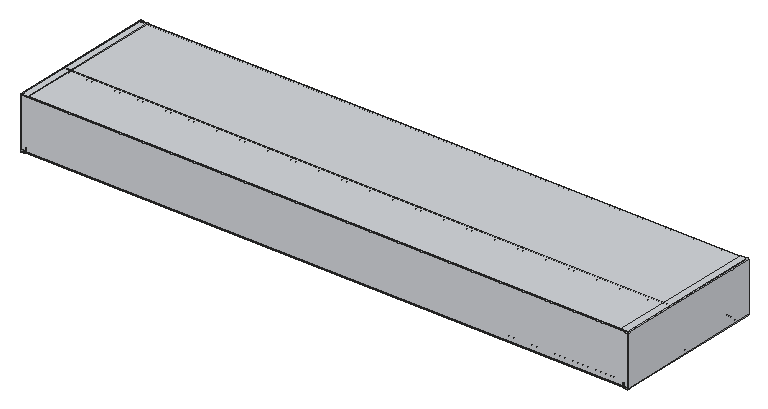
Revit family "LSTC 1x4", category Lighting Fixtures, host Ceiling, Revit 2019
Family settings
  Host = Ceiling
  Round Connector Dimension = Use Diameter
  Part Type = Normal
  OmniClass Number = 23.80.70.11.14.17
  OmniClass Title = Direct/Indirect
  Always vertical = Yes
  Cut with Voids When Loaded = No
  Light Source = Yes
  Shared = No
  Room Calculation Point = No
Parameters (values of type "LSTC1x4-LED840K034LUNV")
  Width = 0' - 11 3/4"
  Wattage = 30 W
  built-in parameter 1150110 = 1 (stored number, unit not read)
  Voltage = 120 V
  URL = "https://www.viscor.com/en/products/lstc"
  built-in parameter 1114217 = 0.9 (stored number, unit not read)
  Tilt Angle = 90.00°
  built-in parameter 1150109 = 1 (stored number, unit not read)
  built-in parameter 1150134 = 12
  built-in parameter 1150113 = 1 (stored number, unit not read)
  Reflector Width = Width / 2  # 0' - 5 7/8"
  Photometric Web File = "LSTC1X4-LED840K034LUNV-G001806.IES"
  Model = "LSTC"  # constant formula
  Manufacturer = "VISIONEERING by VISCOR"  # constant formula
  Lumens = 3450 lm
  built-in parameter 1150115 = 1 (stored number, unit not read)
  built-in parameter 1150105 = 274.54 (stored number, unit not read)
  built-in parameter 1150137 = (empty or 0)
  built-in parameter 1150139 = (empty or 0)
  Lens Finish = Acrylic - Viscor - Frosted Ribbed Linear Extruded
  Length = 3' - 11 3/4"
  Lamp Wattage = 30 VA
  built-in parameter 1150112 = 1 (stored number, unit not read)
  built-in parameter 1150114 = 1 (stored number, unit not read)
  Lamp = "LED"  # constant formula
  built-in parameter 1150132 = (empty or 0)
  built-in parameter 1150102 = (empty or 0)
  built-in parameter 1150138 = (empty or 0)
  built-in parameter 1150107 = 4000 (stored number, unit not read)
  built-in parameter 1150106 = 2.7454 (stored number, unit not read)
  Housing Finish = Metal - Viscor - White
  Emit from Rectangle Width = Width  # 0' - 11 3/4"
  Emit from Rectangle Length = Length  # 3' - 11 3/4"
  Emit Shape Visible in Rendering = no
  built-in parameter 1150104 = 10.684 (stored number, unit not read)
  Dimming Lamp Color Temperature Shift = <None>
  Description = "LED Surface Single Tear Drop"  # constant formula
  Color Filter = 16777215
  built-in parameter 1114218 = 1 (stored number, unit not read)
  built-in parameter 1150133 = 10 (stored number, unit not read)
  Assembly Code = "D5020200"
  Apparent Load = Lamp Wattage  # 30 VA
Reference planes (in)
  plane 1 "Light Source Axis (F/B)": y = 0
  plane 2 "Ceiling": z = 96
  plane 3 "Light Source Axis (L/R)": x = 0
  plane 4 "Light Source Elevation": z = 91.71875
  plane 5: y = 5.875
  plane 6: y = -5.875
  plane 7: x = -23.875
  plane 8: x = 23.875
  plane 9: x = -23.8125
  plane 10: x = 23.8125
  plane 11 "FixtureHeight": z = 91.845
Forms (in)
  Extrusion 1, solid
    sketch origin (0, 0, 0) x (1, 0, 0) y (0, 0, 1)
      loop
        line (-23.806, 91.845) -> (-23.507, 91.845)
        arc (-23.507, 91.845) -> (-23.45821, 91.86521) -> (-23.438, 91.914) r 0.069
        line (-23.438, 91.914) -> (-23.438, 92.189) -> (-23.46925, 92.189) -> (-23.46925, 91.914)
        arc (-23.46925, 91.914) -> (-23.48031, 91.88731) -> (-23.507, 91.87625) r 0.03775
        line (-23.507, 91.87625) -> (-23.806, 91.87625)
        arc (-23.806, 91.87625) -> (-23.83269, 91.88731) -> (-23.84375, 91.914) r 0.03775
        line (-23.84375, 91.914) -> (-23.84375, 95.838)
        arc (-23.84375, 95.838) -> (-23.83269, 95.86469) -> (-23.806, 95.87575) r 0.03775
        line (-23.806, 95.87575) -> (-23.25, 95.87575) -> (-23.25, 95.907) -> (-23.806, 95.907)
        arc (-23.806, 95.907) -> (-23.85479, 95.88679) -> (-23.875, 95.838) r 0.069
        line (-23.875, 95.838) -> (-23.875, 91.914)
        arc (-23.875, 91.914) -> (-23.85479, 91.86521) -> (-23.806, 91.845) r 0.069
    from -5.875 to 5.875
  Extrusion 2, solid
    sketch origin (0, 0, 0) x (-1, 0, 0) y (0, 0, -1)
      loop
        arc (-23.806, -91.845) -> (-23.85479, -91.86521) -> (-23.875, -91.914) r 0.069
        line (-23.875, -91.914) -> (-23.875, -95.838)
        arc (-23.875, -95.838) -> (-23.85479, -95.88679) -> (-23.806, -95.907) r 0.069
        line (-23.806, -95.907) -> (-23.25, -95.907) -> (-23.25, -95.87575) -> (-23.806, -95.87575)
        arc (-23.806, -95.87575) -> (-23.83269, -95.86469) -> (-23.84375, -95.838) r 0.03775
        line (-23.84375, -95.838) -> (-23.84375, -91.914)
        arc (-23.84375, -91.914) -> (-23.83269, -91.88731) -> (-23.806, -91.87625) r 0.03775
        line (-23.806, -91.87625) -> (-23.507, -91.87625)
        arc (-23.507, -91.87625) -> (-23.48031, -91.88731) -> (-23.46925, -91.914) r 0.03775
        line (-23.46925, -91.914) -> (-23.46925, -92.189) -> (-23.438, -92.189) -> (-23.438, -91.914)
        arc (-23.438, -91.914) -> (-23.45821, -91.86521) -> (-23.507, -91.845) r 0.069
        line (-23.507, -91.845) -> (-23.806, -91.845)
    from -5.875 to 5.875
  Extrusion 3, solid
    sketch origin (0, 0, 0) x (0, 1, 0) y (0, 0, 1)
      loop
        line (5.50687, 91.875) -> (5.80687, 91.875)
        arc (5.80687, 91.875) -> (5.85163, 91.89149) -> (5.875, 91.93306) r 0.069
        line (5.875, 91.93306) -> (5.875, 95.81694)
        arc (5.875, 95.81694) -> (5.85163, 95.85851) -> (5.80687, 95.875) r 0.069
        line (5.80687, 95.875) -> (-5.80513, 95.875)
        arc (-5.80513, 95.875) -> (-5.85392, 95.85479) -> (-5.87413, 95.806) r 0.069
        line (-5.87413, 95.806) -> (-5.875, 91.944)
        arc (-5.875, 91.944) -> (-5.85392, 91.89521) -> (-5.80513, 91.875) r 0.069
        line (-5.80513, 91.875) -> (-5.50513, 91.875)
        arc (-5.50513, 91.875) -> (-5.45634, 91.89521) -> (-5.43613, 91.944) r 0.069
        line (-5.43613, 91.944) -> (-5.43613, 92.616)
        arc (-5.43613, 92.616) -> (-5.4247, 92.64358) -> (-5.39713, 92.655) r 0.039
        line (-5.39713, 92.655) -> (-4.85013, 92.655) -> (-4.85013, 92.68625) -> (-5.39713, 92.68625)
        arc (-5.39713, 92.68625) -> (-5.4468, 92.66567) -> (-5.46738, 92.616) r 0.07025
        line (-5.46738, 92.616) -> (-5.46738, 91.944)
        arc (-5.46738, 91.944) -> (-5.47843, 91.91731) -> (-5.50513, 91.90625) r 0.03775
        line (-5.50513, 91.90625) -> (-5.80513, 91.90625)
        arc (-5.80513, 91.90625) -> (-5.83182, 91.91731) -> (-5.84288, 91.944) r 0.03775
        line (-5.84288, 91.944) -> (-5.84375, 95.80595)
        arc (-5.84375, 95.80595) -> (-5.83179, 95.83261) -> (-5.80513, 95.84365) r 0.0377
        line (-5.80513, 95.84365) -> (5.80666, 95.84365)
        arc (5.80666, 95.84365) -> (5.83318, 95.83267) -> (5.84417, 95.80615) r 0.0375
        line (5.84417, 95.80615) -> (5.84417, 91.94985)
        arc (5.84417, 91.94985) -> (5.83556, 91.91946) -> (5.80687, 91.90625) r 0.03775
        line (5.80687, 91.90625) -> (5.50687, 91.90625)
        arc (5.50687, 91.90625) -> (5.48018, 91.91731) -> (5.46912, 91.944) r 0.03775
        line (5.46912, 91.944) -> (5.46912, 92.616)
        arc (5.46912, 92.616) -> (5.44855, 92.66567) -> (5.39887, 92.68625) r 0.07025
        line (5.39887, 92.68625) -> (4.85188, 92.68625) -> (4.85188, 92.655) -> (5.39887, 92.655)
        arc (5.39887, 92.655) -> (5.42645, 92.64358) -> (5.43787, 92.616) r 0.039
        line (5.43787, 92.616) -> (5.43787, 91.944)
        arc (5.43787, 91.944) -> (5.45808, 91.89521) -> (5.50687, 91.875) r 0.069
    from -23.8125 to 23.8125
  Extrusion 4, solid
    sketch origin (0, 0, 0) x (0, 1, 0) y (0, 0, 1)
      loop
        line (1.93837, 95.845) -> (1.60237, 95.845)
        arc (1.60237, 95.845) -> (1.55358, 95.82479) -> (1.53337, 95.776) r 0.069
        line (1.53337, 95.776) -> (1.53337, 94.259)
        arc (1.53337, 94.259) -> (1.52195, 94.23142) -> (1.49437, 94.22) r 0.039
        line (1.49437, 94.22) -> (-1.49263, 94.22)
        arc (-1.49263, 94.22) -> (-1.5202, 94.23142) -> (-1.53163, 94.259) r 0.039
        line (-1.53163, 94.259) -> (-1.53163, 95.776)
        arc (-1.53163, 95.776) -> (-1.55184, 95.82479) -> (-1.60063, 95.845) r 0.069
        line (-1.60063, 95.845) -> (-1.93663, 95.845) -> (-1.93663, 95.81375) -> (-1.60063, 95.81375)
        arc (-1.60063, 95.81375) -> (-1.57393, 95.80269) -> (-1.56288, 95.776) r 0.03775
        line (-1.56288, 95.776) -> (-1.56288, 94.259)
        arc (-1.56288, 94.259) -> (-1.5423, 94.20933) -> (-1.49263, 94.18875) r 0.07025
        line (-1.49263, 94.18875) -> (1.49437, 94.18875)
        arc (1.49437, 94.18875) -> (1.54405, 94.20933) -> (1.56462, 94.259) r 0.07025
        line (1.56462, 94.259) -> (1.56462, 95.776)
        arc (1.56462, 95.776) -> (1.57568, 95.80269) -> (1.60237, 95.81375) r 0.03775
        line (1.60237, 95.81375) -> (1.93837, 95.81375) -> (1.93837, 95.845)
    from -23.8125 to 23.8125
  Extrusion 5, solid
    sketch origin (0, 0, 0) x (0, 1, 0) y (0, 0, 1)
      loop
        arc (5.27987, 91.875) -> (5.32866, 91.89521) -> (5.34887, 91.944) r 0.069
        line (5.34887, 91.944) -> (5.34887, 92.494)
        arc (5.34887, 92.494) -> (5.32866, 92.54279) -> (5.27987, 92.563) r 0.069
        line (5.27987, 92.563) -> (5.09887, 92.563) -> (5.09887, 92.53175) -> (5.27987, 92.53175)
        arc (5.27987, 92.53175) -> (5.30657, 92.52069) -> (5.31762, 92.494) r 0.03775
        line (5.31762, 92.494) -> (5.31762, 91.944)
        arc (5.31762, 91.944) -> (5.30657, 91.91731) -> (5.27987, 91.90625) r 0.03775
        line (5.27987, 91.90625) -> (4.86182, 91.90625) -> (4.27501, 92.49306)
        arc (4.27501, 92.49306) -> (2.96064, 93.40453) -> (1.41016, 93.79743) r 4.49002
        line (1.41016, 93.79743) -> (0.93986, 93.8057)
        arc (0.93986, 93.8057) -> (0.92426, 93.80937) -> (0.91159, 93.81918) r 0.03777
        line (0.91159, 93.81918) -> (0.79168, 93.96208) -> (0.76774, 93.942) -> (0.88765, 93.79909)
        arc (0.88765, 93.79909) -> (0.91081, 93.78117) -> (0.93931, 93.77445) r 0.06902
        line (0.93931, 93.77445) -> (1.40881, 93.7662)
        arc (1.40881, 93.7662) -> (2.94805, 93.37592) -> (4.25291, 92.47096) r 4.45877
        line (4.25291, 92.47096) -> (4.82866, 91.89521)
        arc (4.82866, 91.89521) -> (4.85105, 91.88025) -> (4.87745, 91.875) r 0.069
        line (4.87745, 91.875) -> (5.27987, 91.875)
    from -23.8125 to 23.8125
  Extrusion 6, solid
    sketch origin (0, 0, 0) x (0, -1, 0) y (0, 0, -1)
      loop
        line (5.27987, -91.875) -> (4.87745, -91.875)
        arc (4.87745, -91.875) -> (4.85105, -91.88025) -> (4.82866, -91.89521) r 0.069
        line (4.82866, -91.89521) -> (4.25291, -92.47096)
        arc (4.25291, -92.47096) -> (2.94805, -93.37592) -> (1.40881, -93.7662) r 4.45877
        line (1.40881, -93.7662) -> (0.93931, -93.77445)
        arc (0.93931, -93.77445) -> (0.91081, -93.78117) -> (0.88765, -93.79909) r 0.06902
        line (0.88765, -93.79909) -> (0.76774, -93.942) -> (0.79168, -93.96208) -> (0.91159, -93.81918)
        arc (0.91159, -93.81918) -> (0.92426, -93.80937) -> (0.93986, -93.8057) r 0.03777
        line (0.93986, -93.8057) -> (1.41016, -93.79743)
        arc (1.41016, -93.79743) -> (2.96064, -93.40453) -> (4.27501, -92.49306) r 4.49002
        line (4.27501, -92.49306) -> (4.86182, -91.90625) -> (5.27987, -91.90625)
        arc (5.27987, -91.90625) -> (5.30657, -91.91731) -> (5.31762, -91.944) r 0.03775
        line (5.31762, -91.944) -> (5.31762, -92.494)
        arc (5.31762, -92.494) -> (5.30657, -92.52069) -> (5.27987, -92.53175) r 0.03775
        line (5.27987, -92.53175) -> (5.09887, -92.53175) -> (5.09887, -92.563) -> (5.27987, -92.563)
        arc (5.27987, -92.563) -> (5.32866, -92.54279) -> (5.34887, -92.494) r 0.069
        line (5.34887, -92.494) -> (5.34887, -91.944)
        arc (5.34887, -91.944) -> (5.32866, -91.89521) -> (5.27987, -91.875) r 0.069
    from -23.8125 to 23.8125
  Extrusion 7, solid
    sketch origin (0, 0, 0) x (0, 1, 0) y (0, 0, 1)
      loop
        line (0.96962, 93.675) -> (0.96962, 93.76)
        arc (0.96962, 93.76) -> (0.96376, 93.77414) -> (0.94962, 93.78) r 0.02
        line (0.94962, 93.78) -> (0.77187, 93.78) -> (0.77187, 93.97219)
        arc (0.77187, 93.97219) -> (0.78145, 93.9881) -> (0.8, 93.98707) r 0.018
        arc (0.8, 93.98707) -> (0.84415, 93.99938) -> (0.82464, 94.04085) r 0.03
        line (0.82464, 94.04085) -> (0.73705, 94.06432)
        arc (0.73705, 94.06432) -> (0.7197, 94.06087) -> (0.71187, 94.045) r 0.02
        line (0.71187, 94.045) -> (0.71187, 93.73)
        arc (0.71187, 93.73) -> (0.72066, 93.70879) -> (0.74187, 93.7) r 0.03
        line (0.74187, 93.7) -> (0.88962, 93.7)
        arc (0.88962, 93.7) -> (0.83304, 93.18207) -> (0.65464, 92.69254) r 2.17014
        arc (0.65464, 92.69254) -> (0.48302, 92.43074) -> (0.25821, 92.21289) r 1.42014
        arc (0.25821, 92.21289) -> (0.00087, 92.12486) -> (-0.25647, 92.21289) r 0.42014
        arc (-0.25647, 92.21289) -> (-0.48128, 92.43074) -> (-0.6529, 92.69254) r 1.42014
        arc (-0.6529, 92.69254) -> (-0.8313, 93.18207) -> (-0.88788, 93.7) r 2.17014
        line (-0.88788, 93.7) -> (-0.74013, 93.7)
        arc (-0.74013, 93.7) -> (-0.71891, 93.70879) -> (-0.71013, 93.73) r 0.03
        line (-0.71013, 93.73) -> (-0.71013, 94.045)
        arc (-0.71013, 94.045) -> (-0.71795, 94.06087) -> (-0.7353, 94.06432) r 0.02
        line (-0.7353, 94.06432) -> (-0.82289, 94.04085)
        arc (-0.82289, 94.04085) -> (-0.8424, 93.99938) -> (-0.79825, 93.98707) r 0.03
        arc (-0.79825, 93.98707) -> (-0.77971, 93.9881) -> (-0.77013, 93.97219) r 0.018
        line (-0.77013, 93.97219) -> (-0.77013, 93.78) -> (-0.94788, 93.78)
        arc (-0.94788, 93.78) -> (-0.96202, 93.77414) -> (-0.96788, 93.76) r 0.02
        line (-0.96788, 93.76) -> (-0.96788, 93.675)
        arc (-0.96788, 93.675) -> (-0.90609, 93.15131) -> (-0.7241, 92.65639) r 2.25
        arc (-0.7241, 92.65639) -> (-0.54283, 92.37986) -> (-0.30538, 92.14977) r 1.5
        arc (-0.30538, 92.14977) -> (0.00087, 92.045) -> (0.30713, 92.14977) r 0.5
        arc (0.30713, 92.14977) -> (0.54458, 92.37986) -> (0.72585, 92.65639) r 1.5
        arc (0.72585, 92.65639) -> (0.90783, 93.15131) -> (0.96962, 93.675) r 2.25
    from -23.8125 to 23.8125
Dimensions and locks (in)
  equal spacing: host sketch curve, plane 3 "Light Source Axis (L/R)", host sketch curve
  equal spacing: host sketch curve, plane 1 "Light Source Axis (F/B)", host sketch curve
  host sketch curve to host sketch curve = 10' - 0"  (x2)
  equal spacing: plane 7, plane 3 "Light Source Axis (L/R)", plane 8
  "Length": plane 7 to plane 8
  equal spacing: plane 5, plane 1 "Light Source Axis (F/B)", plane 6
  "Width": plane 5 to plane 6
  plane 4 "Light Source Elevation" to plane 2 "Ceiling" = 0' - 4 9/32"
  locked: plane 7 to plane 9 at 0.0625
  locked: plane 10 to plane 8 at 0.0625
  locked: plane 2 "Ceiling" to plane 11 "FixtureHeight" at 4.155
  aligned and locked: plane 3 "Light Source Axis (L/R)" to imposter light
  aligned and locked: plane 1 "Light Source Axis (F/B)" to imposter light
  aligned and locked: plane 4 "Light Source Elevation" to imposter light
  aligned and locked: plane 5 to Extrusion 1
  aligned and locked: Extrusion 1 to plane 6
  aligned and locked: plane 5 to Extrusion 2
  aligned and locked: Extrusion 2 to plane 6
  aligned and locked: Extrusion 3 to plane 9
  aligned and locked: plane 10 to Extrusion 3
  aligned and locked: Extrusion 4 to plane 9
  aligned and locked: plane 10 to Extrusion 4
  aligned and locked: Extrusion 5 to plane 9
  aligned and locked: plane 10 to Extrusion 5
  aligned and locked: Extrusion 6 to plane 9
  aligned and locked: plane 10 to Extrusion 6
  aligned and locked: Extrusion 7 to plane 9
  aligned and locked: plane 10 to Extrusion 7
Automatic sketch dimensions
  Extrusion 1 sketch curve to Extrusion 1 sketch curve = 0' - 0"  (x6)
  Extrusion 1 sketch curve to plane 7 = 0' - 0"
  Extrusion 1 sketch curve to plane 11 "FixtureHeight" = 0' - 0"
  plane 7 to Extrusion 1 sketch curve = 0' - 0 1/32"
  plane 9 to Extrusion 1 sketch curve = 0' - 0.0065"  (x2)
  plane 11 "FixtureHeight" to Extrusion 1 sketch curve = 0' - 0.069"
  Extrusion 1 sketch curve to Extrusion 1 sketch curve = 0' - 0.299"
  Extrusion 1 sketch curve to plane 2 "Ceiling" = 0' - 0.12425"
  Extrusion 1 sketch curve to Extrusion 1 sketch curve = 0' - 0.556"
  Extrusion 1 sketch curve to Extrusion 1 sketch curve = 0' - 0.275"
  Extrusion 2 sketch curve to Extrusion 2 sketch curve = 0' - 0"  (x6)
  Extrusion 2 sketch curve to plane 8 = 0' - 0"
  Extrusion 2 sketch curve to plane 11 "FixtureHeight" = 0' - 0"
  plane 8 to Extrusion 2 sketch curve = 0' - 0 1/32"
  plane 10 to Extrusion 2 sketch curve = 0' - 0.0065"  (x2)
  Extrusion 2 sketch curve to plane 11 "FixtureHeight" = 0' - 0.069"
  Extrusion 2 sketch curve to Extrusion 2 sketch curve = 0' - 0.299"
  plane 2 "Ceiling" to Extrusion 2 sketch curve = 0' - 0.12425"
  Extrusion 2 sketch curve to Extrusion 2 sketch curve = 0' - 0.556"
  Extrusion 2 sketch curve to Extrusion 2 sketch curve = 0' - 0.275"
  Extrusion 3 sketch curve to Extrusion 3 sketch curve = 0' - 0"  (x17)
  Extrusion 3 sketch curve to plane 6 = 0' - 0"
  Extrusion 3 sketch curve to plane 5 = 0' - 0"
  plane 6 to Extrusion 3 sketch curve = 0' - 0.06987"
  Extrusion 3 sketch curve to Extrusion 3 sketch curve = 0' - 0.06987"
  plane 11 "FixtureHeight" to Extrusion 3 sketch curve = 0' - 0.03"  (x2)
  Extrusion 3 sketch curve to Extrusion 3 sketch curve = 0' - 0.3"
  Extrusion 3 sketch curve to Extrusion 3 sketch curve = 0' - 0.03775"  (x3)
  Extrusion 3 sketch curve to Extrusion 3 sketch curve = 0' - 0 1/32"  (x2)
  Extrusion 3 sketch curve to Extrusion 3 sketch curve = 0' - 0.039"  (x2)
  Extrusion 3 sketch curve to Extrusion 3 sketch curve = 0' - 0.54699"
  Extrusion 3 sketch curve to plane 5 = 0' - 1.02312"
  Extrusion 3 sketch curve to plane 5 = 0' - 0.47613"
  Extrusion 3 sketch curve to plane 5 = 0' - 0.06834"
  Extrusion 3 sketch curve to plane 5 = 0' - 0.06813"
  Extrusion 3 sketch curve to Extrusion 3 sketch curve = 0' - 0.00021"
  Extrusion 3 sketch curve to plane 5 = 0' - 0.03083"
  Extrusion 3 sketch curve to Extrusion 3 sketch curve = 0' - 0.02681"
  Extrusion 3 sketch curve to Extrusion 3 sketch curve = 0' - 0.672"  (x2)
  Extrusion 3 sketch curve to plane 2 "Ceiling" = 0' - 0.19405"
  Extrusion 3 sketch curve to plane 2 "Ceiling" = 0' - 0.194"
  Extrusion 3 sketch curve to Extrusion 3 sketch curve = 0' - 0.00005"
  Extrusion 3 sketch curve to Extrusion 3 sketch curve = 0' - 0.00015"
  Extrusion 3 sketch curve to Extrusion 3 sketch curve = 0' - 0.01079"
  Extrusion 3 sketch curve to Extrusion 3 sketch curve = 0' - 0.00092"
  Extrusion 4 sketch curve to Extrusion 4 sketch curve = 0' - 0"  (x8)
  Extrusion 4 sketch curve to plane 2 "Ceiling" = 0' - 0.155"  (x2)
  plane 1 "Light Source Axis (F/B)" to Extrusion 4 sketch curve = 0' - 1.93663"
  Extrusion 4 sketch curve to plane 2 "Ceiling" = 0' - 0.18625"
  Extrusion 4 sketch curve to Extrusion 4 sketch curve = 0' - 0.336"  (x2)
  Extrusion 4 sketch curve to Extrusion 4 sketch curve = 0' - 0.03775"  (x2)
  Extrusion 4 sketch curve to Extrusion 4 sketch curve = 0' - 0.039"  (x2)
  Extrusion 4 sketch curve to plane 1 "Light Source Axis (F/B)" = 0' - 1.49437"
  Extrusion 4 sketch curve to Extrusion 4 sketch curve = 0' - 1.517"
  Extrusion 5 sketch curve to Extrusion 5 sketch curve = 0' - 0"  (x8)
  Extrusion 5 sketch curve to plane 1 "Light Source Axis (F/B)" = 0' - 0.76774"
  Extrusion 5 sketch curve to Extrusion 5 sketch curve = 0' - 0.02394"  (x2)
  Extrusion 5 sketch curve to Extrusion 5 sketch curve = 0' - 0.11991"
  Extrusion 5 sketch curve to Extrusion 5 sketch curve = 0' - 0.02772"
  Extrusion 5 sketch curve to Extrusion 5 sketch curve = 0' - 0.00055"
  Extrusion 5 sketch curve to Extrusion 5 sketch curve = 0' - 0.02893"
  Extrusion 5 sketch curve to plane 1 "Light Source Axis (F/B)" = 0' - 1.10008"
  Extrusion 5 sketch curve to Extrusion 5 sketch curve = 0' - 0.46949"
  Extrusion 5 sketch curve to Extrusion 5 sketch curve = 0' - 0.00136"
  plane 11 "FixtureHeight" to Extrusion 5 sketch curve = 0' - 0.62596"
  Extrusion 5 sketch curve to plane 5 = 0' - 1.62209"
  plane 11 "FixtureHeight" to Extrusion 5 sketch curve = 0' - 0.64806"
  Extrusion 5 sketch curve to Extrusion 5 sketch curve = 0' - 0.0221"
  plane 11 "FixtureHeight" to Extrusion 5 sketch curve = 0' - 0.05021"
  Extrusion 5 sketch curve to Extrusion 5 sketch curve = 0' - 0.57575"
  plane 11 "FixtureHeight" to Extrusion 5 sketch curve = 0' - 0.06125"
  Extrusion 5 sketch curve to Extrusion 5 sketch curve = 0' - 0.03315"
  plane 11 "FixtureHeight" to Extrusion 5 sketch curve = 0' - 0.03"
  Extrusion 5 sketch curve to Extrusion 5 sketch curve = 0' - 0 1/64"
  Extrusion 5 sketch curve to Extrusion 5 sketch curve = 0' - 0.22142"
  plane 11 "FixtureHeight" to Extrusion 5 sketch curve = 0' - 0.099"
  Extrusion 5 sketch curve to Extrusion 5 sketch curve = 0' - 0.40242"
  Extrusion 5 sketch curve to Extrusion 5 sketch curve = 0' - 0.03775"
  plane 4 "Light Source Elevation" to Extrusion 5 sketch curve = 0' - 2.40062"
  Extrusion 5 sketch curve to Extrusion 5 sketch curve = 0' - 0.55"
  Extrusion 5 sketch curve to Extrusion 5 sketch curve = 0' - 0.00825"
  Extrusion 5 sketch curve to Extrusion 5 sketch curve = 0' - 0.02464"
  Extrusion 5 sketch curve to Extrusion 5 sketch curve = 0' - 0 1/32"
  Extrusion 6 sketch curve to Extrusion 6 sketch curve = 0' - 0"  (x8)
  Extrusion 6 sketch curve to plane 1 "Light Source Axis (F/B)" = 0' - 0.76774"
  Extrusion 6 sketch curve to Extrusion 6 sketch curve = 0' - 0.02394"  (x2)
  Extrusion 6 sketch curve to Extrusion 6 sketch curve = 0' - 0.11991"
  Extrusion 6 sketch curve to Extrusion 6 sketch curve = 0' - 0.02772"
  Extrusion 6 sketch curve to Extrusion 6 sketch curve = 0' - 0.00055"
  Extrusion 6 sketch curve to Extrusion 6 sketch curve = 0' - 0.02893"
  Extrusion 6 sketch curve to plane 1 "Light Source Axis (F/B)" = 0' - 1.10008"
  Extrusion 6 sketch curve to Extrusion 6 sketch curve = 0' - 0.46949"
  Extrusion 6 sketch curve to Extrusion 6 sketch curve = 0' - 0.00136"
  Extrusion 6 sketch curve to plane 11 "FixtureHeight" = 0' - 0.62596"
  Extrusion 6 sketch curve to plane 6 = 0' - 1.62209"
  Extrusion 6 sketch curve to plane 11 "FixtureHeight" = 0' - 0.64806"
  Extrusion 6 sketch curve to Extrusion 6 sketch curve = 0' - 0.0221"
  Extrusion 6 sketch curve to plane 11 "FixtureHeight" = 0' - 0.05021"
  Extrusion 6 sketch curve to Extrusion 6 sketch curve = 0' - 0.57575"
  Extrusion 6 sketch curve to plane 11 "FixtureHeight" = 0' - 0.06125"
  Extrusion 6 sketch curve to Extrusion 6 sketch curve = 0' - 0.03315"
  Extrusion 6 sketch curve to plane 11 "FixtureHeight" = 0' - 0.03"
  Extrusion 6 sketch curve to Extrusion 6 sketch curve = 0' - 0 1/64"
  Extrusion 6 sketch curve to Extrusion 6 sketch curve = 0' - 0.22142"
  Extrusion 6 sketch curve to plane 11 "FixtureHeight" = 0' - 0.099"
  Extrusion 6 sketch curve to Extrusion 6 sketch curve = 0' - 0.40242"
  Extrusion 6 sketch curve to Extrusion 6 sketch curve = 0' - 0.03775"
  Extrusion 6 sketch curve to plane 4 "Light Source Elevation" = 0' - 2.40062"
  Extrusion 6 sketch curve to Extrusion 6 sketch curve = 0' - 0.55"
  Extrusion 6 sketch curve to Extrusion 6 sketch curve = 0' - 0.00825"
  Extrusion 6 sketch curve to Extrusion 6 sketch curve = 0' - 0.02464"
  Extrusion 6 sketch curve to Extrusion 6 sketch curve = 0' - 0 1/32"
  plane 1 "Light Source Axis (F/B)" to Extrusion 7 sketch curve = 0' - 1.28038"
  Extrusion 7 sketch curve to plane 1 "Light Source Axis (F/B)" = 0' - 0.96962"
  plane 11 "FixtureHeight" to Extrusion 7 sketch curve = 0' - 1.83"
  Extrusion 7 sketch curve to plane 1 "Light Source Axis (F/B)" = 0' - 0.72585"
  Extrusion 7 sketch curve to Extrusion 7 sketch curve = 0' - 0.085"
  plane 1 "Light Source Axis (F/B)" to Extrusion 7 sketch curve = 0' - 0.61164"
  Extrusion 7 sketch curve to plane 1 "Light Source Axis (F/B)" = 0' - 0.30713"
  Extrusion 7 sketch curve to Extrusion 7 sketch curve = 0' - 0"  (x15)
  Extrusion 7 sketch curve to plane 1 "Light Source Axis (F/B)" = 0' - 0.00087"
  plane 1 "Light Source Axis (F/B)" to Extrusion 7 sketch curve = 0' - 0.30538"
  Extrusion 7 sketch curve to Extrusion 7 sketch curve = 0' - 0.35624"
  Extrusion 7 sketch curve to Extrusion 7 sketch curve = 0' - 0.41872"
  Extrusion 7 sketch curve to Extrusion 7 sketch curve = 0' - 0 5/16"  (x2)
  Extrusion 7 sketch curve to Extrusion 7 sketch curve = 0' - 0.08"  (x2)
  Extrusion 7 sketch curve to Extrusion 7 sketch curve = 0' - 0.025"
  Extrusion 7 sketch curve to Extrusion 7 sketch curve = 0' - 0.14775"  (x2)
  Extrusion 7 sketch curve to Extrusion 7 sketch curve = 0' - 0.0712"  (x2)
  Extrusion 7 sketch curve to Extrusion 7 sketch curve = 0' - 0.04891"  (x2)
  Extrusion 7 sketch curve to Extrusion 7 sketch curve = 0' - 0.03"  (x3)
  Extrusion 7 sketch curve to Extrusion 7 sketch curve = 0' - 0.315"  (x2)
  Extrusion 7 sketch curve to Extrusion 7 sketch curve = 0' - 0.02"  (x3)
  Extrusion 7 sketch curve to Extrusion 7 sketch curve = 0' - 0.018"
  Extrusion 7 sketch curve to Extrusion 7 sketch curve = 0' - 0.07281"
  Extrusion 7 sketch curve to Extrusion 7 sketch curve = 0' - 0.01012"
  Extrusion 7 sketch curve to Extrusion 7 sketch curve = 0' - 0.01688"
  Extrusion 7 sketch curve to Extrusion 7 sketch curve = 0' - 0.00776"  (x2)
  Extrusion 7 sketch curve to Extrusion 7 sketch curve = 0' - 0.02518"
  Extrusion 7 sketch curve to Extrusion 7 sketch curve = 0' - 0.01932"
  Extrusion 7 sketch curve to Extrusion 7 sketch curve = 0' - 0.00518"
  Extrusion 7 sketch curve to Extrusion 7 sketch curve = 0' - 0.08759"
  Extrusion 7 sketch curve to Extrusion 7 sketch curve = 0' - 0.02347"
  Extrusion 7 sketch curve to Extrusion 7 sketch curve = 0' - 0.02898"
  Extrusion 7 sketch curve to Extrusion 7 sketch curve = 0' - 0.01687"
  Extrusion 7 sketch curve to Extrusion 7 sketch curve = 0' - 0.01013"
  Extrusion 7 sketch curve to Extrusion 7 sketch curve = 0' - 0.05"
Connectors (in)
  electrical at (0, 0, 91.71875), driven by "Voltage", driven by "Apparent Load"
    settings: index 1, voltage 120 V, apparent load 0 VA, apparent load phase1 30 VA, apparent load phase2 0 VA, apparent load phase3 0 VA, power factor 1, load classification "Other", number of poles 1, system type 31, power factor state 1, is connector primary yes, connector utility no, sub classification motor no, connector description ""
